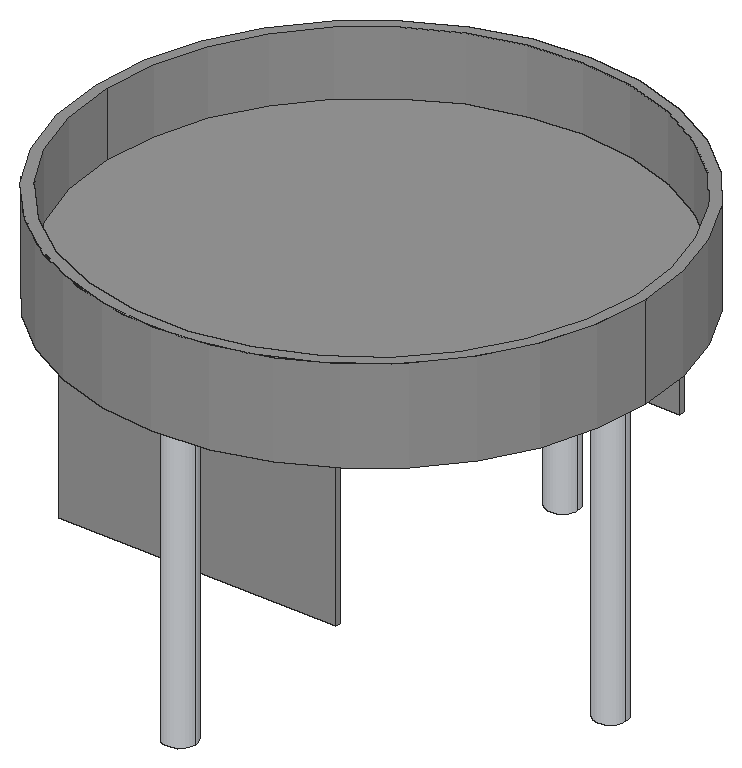
Revit family "Nivellierbare Schwerlastkassette,blind, RKRSL, 25, 4", category Generic Models, Revit 2015
Parameters (values of type "RKR2 4SL2 V2 25")
  URL = "http://www.obo-bettermann.com"
  Material = Stainless Steel, Polished
  Manufacturer Art.No. = "7409074"
  Manufacturer = "OBO Bettermann"
  HeightCalc = if(Height < 109 mm, 109 mm, (if(Height > 159 mm, 159 mm, Height)))  # 150 mm
  Height 1 = 36.5 mm
  Height = 150 mm
  GTIN = "4012195868149"
  Diameter 1 = 206 mm
  Diameter = 214 mm
  Cut depth = 25 mm
  Article Type = "RKR2 4SL2 V2 25"
Reference planes
  plane 1 "Center (Front/Back)": y = 0
  plane 2: z = 0
  plane 3 "Center (Left/Right)": x = 0
  plane 4: z = 113.5
  plane 5: y = 99.5
  plane 6: y = -99.5
  plane 7: z = 150
  plane 8: z = 54.7
  plane 9: z = 125
Forms (mm)
  Extrusion 1, solid
    sketch origin (0, 0, 0) x (1, 0, 0) y (0, 1, 0)
      loop
        circle (0, 93.25) r 6
      loop
        circle (0, -93.25) r 6
      loop
        circle (-93.25, 0) r 6
      loop
        circle (93.25, 0) r 6
    from 0 to 113.5
  Extrusion 2, solid, material "Stainless Steel, Polished" <- "Material"
    sketch origin (0, 0, 0) x (1, 0, 0) y (0, 1, 0)
      loop
        line (-54, 85) -> (-54, 83) -> (54, 83) -> (54, 85) -> (-54, 85)
      loop
        line (-54, -83) -> (-54, -85) -> (54, -85) -> (54, -83) -> (-54, -83)
    from 54.7 to 113.5
  Extrusion 3, solid, material "Stainless Steel, Polished" <- "Material"
    sketch origin (0, 0, 0) x (1, 0, 0) y (0, 1, 0)
      loop
        circle (0, 0) r 107
    from 113.5 to 150
  Extrusion 4, void
    sketch origin (0, 0, 0) x (1, 0, 0) y (0, 1, 0)
      loop
        circle (0, 0) r 103
    from 125 to 150
Cuts and joins
  Extrusion 4 cuts Extrusion 1
  Extrusion 4 cuts Extrusion 2
  Extrusion 4 cuts Extrusion 3
Dimensions and locks
  "HeightCalc": plane 7 to level
  "Height 1": plane 7 to plane 4
  locked: Extrusion 2 sketch curve to Extrusion 2 sketch curve at 108  (x2)
  locked: Extrusion 2 sketch curve to Extrusion 2 sketch curve at 2  (x2)
  locked: plane 4 to plane 8 at 58.8
  "Cut depth": plane 7 to plane 9
  locked: plane 5 to plane 6 at 199
  equal spacing: plane 5, plane 1 "Center (Front/Back)", plane 6, locked at 99.5 each
  locked: plane 1 "Center (Front/Back)" to Extrusion 1 sketch curve at 93.25
  locked: Extrusion 1 sketch curve to plane 1 "Center (Front/Back)" at 93.25
  locked: Extrusion 1 sketch curve to plane 3 "Center (Left/Right)" at 93.25
  locked: plane 3 "Center (Left/Right)" to Extrusion 1 sketch curve at 93.25
  equal spacing: Extrusion 2 sketch curve, plane 3 "Center (Left/Right)", Extrusion 2 sketch curve, locked at 54 each  (x2)
  locked: Extrusion 2 sketch curve to Extrusion 2 sketch curve at 166
  equal spacing: Extrusion 2 sketch curve, plane 1 "Center (Front/Back)", Extrusion 2 sketch curve, locked at 83 each
  diameter of Extrusion 1 sketch curve = 12 mm  (x4)
  "Diameter": diameter of Extrusion 3 sketch curve
  "Diameter 1": diameter of Extrusion 4 sketch curve
  aligned and locked: level to plane 2
  aligned and locked: plane 4 to Extrusion 1
  aligned and locked: Extrusion 1 to Extrusion 2
  aligned and locked: Extrusion 2 to plane 8
  aligned and locked: Extrusion 3 to Extrusion 1
  aligned and locked: plane 7 to Extrusion 3
  aligned and locked: cut or joined group of Extrusion 3, Extrusion 4 to Extrusion 4
  aligned and locked: Extrusion 4 to plane 9
Automatic sketch dimensions
  Extrusion 1 sketch curve to plane 3 "Center (Left/Right)" = 0 mm  (x2)
  plane 1 "Center (Front/Back)" to Extrusion 1 sketch curve = 0 mm  (x2)
  plane 1 "Center (Front/Back)" to Extrusion 4 sketch curve = 0 mm
  Extrusion 4 sketch curve to plane 3 "Center (Left/Right)" = 0 mm
  plane 1 "Center (Front/Back)" to Extrusion 3 sketch curve = 0 mm
  Extrusion 3 sketch curve to plane 3 "Center (Left/Right)" = 0 mm
